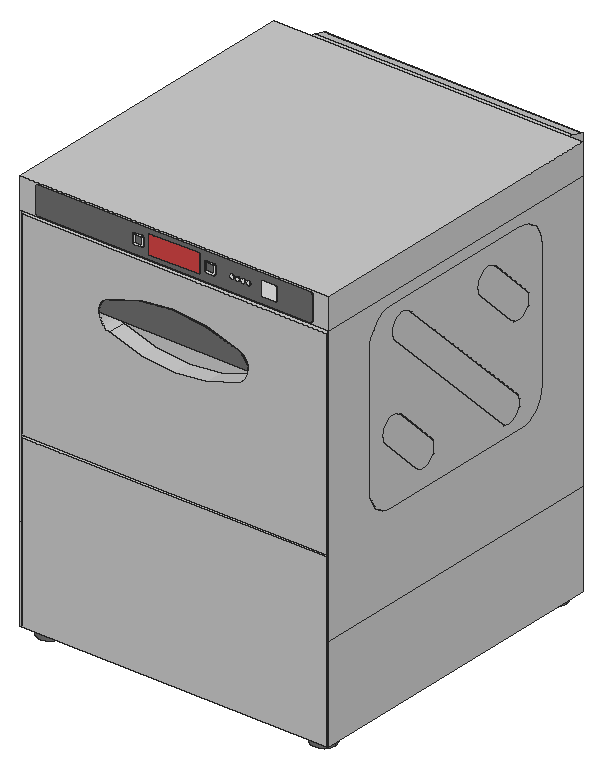
Revit family "QF_COMENDA_6B0000_6B0000DD_6B0000DDPS_6B0002_6B0002DD_6B0002DDPS_CAT", category Attrezzature speciali, Revit 2021
Family settings
  Quota connettore circolare = Usa diametro
  Tipo di parte = Normale
  Numero OmniClass = 23.40.40.14
  Titolo OmniClass = Food Service Equipment
  Basato su piano di lavoro = No
  Sempre verticale = Sì
  Taglio con vuoti quando caricato = No
  Condiviso = No
  Punto di calcolo locali = No
Parameters (values of type "6B0002DDPS")
  URL catalogo = "https://comenda.eu/wp-content/uploads/2024/02/Scheda-tecnica-PB24-A_09.08.23_ENG.pdf"
  URL = "www.comenda.eu"
  Tensione = 230 V
  Temperatura raccomandata per acqua fredda = 15 °C
  Show Logo [instance] = yes
  Show Clearance [instance] = yes
  Protezione contro le sovracorrenti = 16 A
  Prospetto di default = 0 mm
  Profondità = 521 mm
  Potenza elettrica = 2660 W
  Pessione minima acqua fredda = 2000.0 Pa
  Peso netto = 36.00 kg
  Numero dei poli = 1
  Modello = "PB24 A+"
  Produttore = "COMENDA"
  Lunghezza = 460 mm
  Frequenza = 50 Hz
  Fase = 3
  Diametro dello scarico diretto di acqua = 1 3/8"
  Diametro condotta acqua fredda = 3/4"
  Descrizione = "SINGLE-PHASE GLASSWASHER WITH WATER SOFTENER, DRAIN PUMP, DETERGENT DOSING PUMP"
  Corrente di funzionamento normale = 12.1 A
  Assembly Code = ""
  Altezza dello scarico diretto acqua da pavimento finito = 36 mm
  Altezza allacciamento elettrico da pavimento finito = 47 mm
  Altezza allacciamento acqua fredda da pavimento finito = 36 mm
  Altezza = 613 mm
Types (6, lengths in mm): name | URL catalogo | Modello | Descrizione
  6B0000 | "https://www.comenda.eu/site/assets/files/1172/comenda_primeeng_10-20.pdf" | "PB24" | "SINGLE-PHASE GLASSWASHER"
  6B0002 | "https://www.comenda.eu/site/assets/files/1172/comenda_primeeng_10-20.pdf" | "PB24 A" | "SINGLE-PHASE GLASSWASHER WITH WATER SOFTENER"
  6B0000DDPS | "https://comenda.eu/wp-content/uploads/2024/02/Scheda-tecnica-PB24-_09.08.23_ENG.pdf" | "PB24+" | "SINGLE-PHASE GLASSWASHER WITH DRAIN PUMP, DETERGENT DOSING PUMP"
  6B0002DDPS | "https://comenda.eu/wp-content/uploads/2024/02/Scheda-tecnica-PB24-A_09.08.23_ENG.pdf" | "PB24 A+" | "SINGLE-PHASE GLASSWASHER WITH WATER SOFTENER, DRAIN PUMP, DETERGENT DOSING PUMP"
  6B0000DD | "https://comenda.eu/wp-content/uploads/2024/02/Scheda-tecnica-PB24-DD_09.08.23_ENG.pdf" | "PB24 DD" | "SINGLE-PHASE GLASSWASHER"
  6B0002DD | "https://comenda.eu/wp-content/uploads/2024/02/Scheda-tecnica-PB24-A-DD_09.08.23_ENG.pdf" | "PB24 A DD" | "SINGLE-PHASE GLASSWASHER WITH WATER SOFTENER"
Reference planes
  plane 1 "Back": y = 0
  plane 2: z = 0
  plane 3 "Left": x = 0
  plane 4 "Right": x = 460
  plane 5 "Front": y = -521
  plane 6 "Top": z = 613
Forms (mm)
  Extrusion 1, solid
    sketch origin (-278.068, 503.132, 0) x (0, 1, 0) y (0, 0, 1)
      loop
        arc (-503.132, 588.412) -> (-503.657, 589.763) -> (-504.958, 590.404) r 2
        line (-504.958, 590.404) -> (-521.132, 595.009) -> (-548.132, 595.952) -> (-548.132, 603.556) -> (-551.132, 603.556) -> (-551.132, 55.556) -> (-548.132, 55.556) -> (-548.132, 63.14)
        arc (-548.132, 63.14) -> (-547.869, 63.816) -> (-547.219, 64.136) r 1
        line (-547.219, 64.136) -> (-504.918, 68.677)
        arc (-504.918, 68.677) -> (-503.644, 69.329) -> (-503.132, 70.665) r 2
        line (-503.132, 70.665) -> (-503.132, 588.412)
    from 316.068 to 700.068
  Extrusion 2, solid
    sketch origin (-278.068, 503.132, 0) x (0, 1, 0) y (0, 0, 1)
      loop
        line (-993.132, 264.445) -> (-1023.132, 264.445) -> (-1023.132, 12) -> (-993.132, 12) -> (-993.132, 264.445)
    from 281.068 to 735.068
  Extrusion 3, solid
    sketch origin (-278.068, 503.132, 0) x (1, 0, 0) y (0, 1, 0)
      loop
        line (738.068, -551.132) -> (278.068, -551.132) -> (278.068, -1023.132) -> (280.068, -1023.132) -> (280.068, -993.132) -> (736.068, -993.132) -> (736.068, -1023.132) -> (738.068, -1023.132) -> (738.068, -551.132)
    from 12 to 152
  Extrusion 4, solid
    sketch origin (-278.068, 503.132, 140) x (1, 0, 0) y (0, 1, 0)
      loop
        line (738.068, -551.132) -> (278.068, -551.132) -> (278.068, -1023.132) -> (280.068, -1023.132) -> (280.068, -993.132) -> (736.068, -993.132) -> (736.068, -1023.132) -> (738.068, -1023.132) -> (738.068, -551.132)
    from 12 to 427
  Extrusion 5, solid
    sketch origin (-0.2, 503.132, 0) x (0, 1, 0) y (0, 0, 1)
      loop
        line (-667.132, 550.282) -> (-907.132, 550.282)
        arc (-907.132, 550.282) -> (-935.416, 538.567) -> (-947.132, 510.282) r 40
        line (-947.132, 510.282) -> (-947.132, 320.282)
        arc (-947.132, 320.282) -> (-935.416, 291.998) -> (-907.132, 280.282) r 40
        line (-907.132, 280.282) -> (-667.132, 280.282)
        arc (-667.132, 280.282) -> (-638.848, 291.998) -> (-627.132, 320.282) r 40
        line (-627.132, 320.282) -> (-627.132, 510.282)
        arc (-627.132, 510.282) -> (-638.848, 538.567) -> (-667.132, 550.282) r 40
      loop
        arc (-713.027, 517.954) -> (-727.078, 523.753) -> (-741.099, 517.883) r 19.8
        arc (-741.099, 517.883) -> (-747.028, 503.721) -> (-741.17, 489.528) r 20
        line (-741.17, 489.528) -> (-684.601, 432.96)
        arc (-684.601, 432.96) -> (-670.409, 427.102) -> (-656.246, 433.031) r 20
        arc (-656.246, 433.031) -> (-650.376, 447.052) -> (-656.176, 461.103) r 19.8
        line (-656.176, 461.103) -> (-713.027, 517.954)
      loop
        line (-900.41, 500.276) -> (-700.143, 300.009)
        arc (-700.143, 300.009) -> (-686.723, 296.055) -> (-673.995, 301.862) r 20
        arc (-673.995, 301.862) -> (-668.12, 316.146) -> (-673.995, 330.429) r 20.302
        line (-673.995, 330.429) -> (-871.985, 528.419)
        arc (-871.985, 528.419) -> (-886.177, 534.277) -> (-900.34, 528.348) r 20
        arc (-900.34, 528.348) -> (-906.21, 514.327) -> (-900.41, 500.276) r 19.8
      loop
        arc (-918.017, 397.533) -> (-923.887, 383.512) -> (-918.088, 369.462) r 19.8
        line (-918.088, 369.462) -> (-861.378, 312.752)
        arc (-861.378, 312.752) -> (-847.186, 306.894) -> (-833.023, 312.823) r 20
        arc (-833.023, 312.823) -> (-827.153, 326.844) -> (-832.952, 340.895) r 19.8
        line (-832.952, 340.895) -> (-889.662, 397.605)
        arc (-889.662, 397.605) -> (-903.855, 403.462) -> (-918.017, 397.533) r 20
    from 0 to 2
  Extrusion 6, solid
    sketch origin (460.2, 503.132, 0) x (0, 1, 0) y (0, 0, -1)
      loop
        arc (-667.132, -550.282) -> (-638.848, -538.567) -> (-627.132, -510.282) r 40
        line (-627.132, -510.282) -> (-627.132, -320.282)
        arc (-627.132, -320.282) -> (-638.848, -291.998) -> (-667.132, -280.282) r 40
        line (-667.132, -280.282) -> (-907.132, -280.282)
        arc (-907.132, -280.282) -> (-935.416, -291.998) -> (-947.132, -320.282) r 40
        line (-947.132, -320.282) -> (-947.132, -510.282)
        arc (-947.132, -510.282) -> (-935.416, -538.567) -> (-907.132, -550.282) r 40
        line (-907.132, -550.282) -> (-667.132, -550.282)
      loop
        line (-713.027, -517.954) -> (-656.176, -461.103)
        arc (-656.176, -461.103) -> (-650.376, -447.052) -> (-656.246, -433.031) r 19.8
        arc (-656.246, -433.031) -> (-670.409, -427.102) -> (-684.601, -432.96) r 20
        line (-684.601, -432.96) -> (-741.17, -489.528)
        arc (-741.17, -489.528) -> (-747.028, -503.721) -> (-741.099, -517.883) r 20
        arc (-741.099, -517.883) -> (-727.078, -523.753) -> (-713.027, -517.954) r 19.8
      loop
        arc (-900.41, -500.276) -> (-906.21, -514.327) -> (-900.34, -528.348) r 19.8
        arc (-900.34, -528.348) -> (-886.177, -534.277) -> (-871.985, -528.419) r 20
        line (-871.985, -528.419) -> (-673.995, -330.429)
        arc (-673.995, -330.429) -> (-668.12, -316.146) -> (-673.995, -301.862) r 20.302
        arc (-673.995, -301.862) -> (-686.723, -296.055) -> (-700.143, -300.009) r 20
        line (-700.143, -300.009) -> (-900.41, -500.276)
      loop
        arc (-918.017, -397.533) -> (-903.855, -403.462) -> (-889.662, -397.605) r 20
        line (-889.662, -397.605) -> (-832.952, -340.895)
        arc (-832.952, -340.895) -> (-827.153, -326.844) -> (-833.023, -312.823) r 19.8
        arc (-833.023, -312.823) -> (-847.186, -306.894) -> (-861.378, -312.752) r 20
        line (-861.378, -312.752) -> (-918.088, -369.462)
        arc (-918.088, -369.462) -> (-923.887, -383.512) -> (-918.017, -397.533) r 19.8
    from 0 to 2
  Extrusion 7, solid
    sketch origin (221.932, -470, 0) x (1, 0, 0) y (0, 0, 1)
      loop
        line (-218.932, 562.9) -> (-218.932, 267.9) -> (235.068, 267.9) -> (235.068, 562.9) -> (-218.932, 562.9)
      loop
        arc (-89.473, 450.519) -> (6.968, 430.572) -> (103.409, 450.519) r 243.118
        arc (103.409, 450.519) -> (117.983, 472.694) -> (103.409, 494.869) r 24.157
        arc (103.409, 494.869) -> (6.968, 515.193) -> (-89.473, 494.869) r 238.976
        arc (-89.473, 494.869) -> (-104.047, 472.694) -> (-89.473, 450.519) r 24.157
    from 20 to 50
  Extrusion 8, solid
    sketch origin (-278.068, -490, 0) x (1, 0, 0) y (0, 0, 1)
      loop
        arc (410.527, 450.519) -> (506.968, 430.572) -> (603.409, 450.519) r 243.118
        arc (603.409, 450.519) -> (617.983, 472.694) -> (603.409, 494.869) r 24.157
        arc (603.409, 494.869) -> (506.968, 515.193) -> (410.527, 494.869) r 238.976
        arc (410.527, 494.869) -> (395.953, 472.694) -> (410.527, 450.519) r 24.157
    from 0 to 2
  Extrusion 9, solid
    sketch origin (-278.068, -519, 0) x (1, 0, 0) y (0, 0, 1)
      loop
        arc (410.527, 494.869) -> (399.93, 485.973) -> (395.953, 472.722) r 24.157
        line (395.953, 472.722) -> (617.983, 472.722)
        arc (617.983, 472.722) -> (614.006, 485.973) -> (603.409, 494.869) r 24.157
        arc (603.409, 494.869) -> (506.968, 515.193) -> (410.527, 494.869) r 238.976
    from 0 to 2
  Extrusion 10, solid
    sketch origin (0, 503.132, 0) x (0, 1, 0) y (0, 0, 1)
      loop
        line (-551.132, 613) -> (-1023.132, 613) -> (-1023.132, 567) -> (-551.132, 567) -> (-551.132, 613)
    from 0 to 460
  Extrusion 11, solid
    sketch origin (-278.068, -518.2, 0) x (1, 0, 0) y (0, 0, 1)
      loop
        line (302.336, 607.5) -> (302.336, 571.5)
        arc (302.336, 571.5) -> (303.136, 569.568) -> (305.068, 568.768) r 2.732
        line (305.068, 568.768) -> (711.068, 568.768)
        arc (711.068, 568.768) -> (713, 569.568) -> (713.8, 571.5) r 2.732
        line (713.8, 571.5) -> (713.8, 607.5)
        arc (713.8, 607.5) -> (713, 609.432) -> (711.068, 610.232) r 2.732
        line (711.068, 610.232) -> (305.068, 610.232)
        arc (305.068, 610.232) -> (303.136, 609.432) -> (302.336, 607.5) r 2.732
    from 0 to 2
  Extrusion 12, solid
    sketch origin (-278.068, -518.4, 10) x (1, 0, 0) y (0, 0, 1)
      loop
        line (470.568, 593.5) -> (470.568, 565.5) -> (545.568, 565.5) -> (545.568, 593.5) -> (470.568, 593.5)
    from 0 to 2
  Extrusion 13, solid
    sketch origin (-288.068, -518.4, 10) x (1, 0, 0) y (0, 0, 1)
      loop
        circle (604.568, 579.5) r 3.1
      loop
        circle (612.568, 579.5) r 3.1
      loop
        circle (620.568, 579.5) r 3.1
      loop
        circle (628.568, 579.5) r 3.1
      loop
        arc (651.068, 590.5) -> (649.654, 589.914) -> (649.068, 588.5) r 2
        line (649.068, 588.5) -> (649.068, 570.535)
        arc (649.068, 570.535) -> (649.664, 569.096) -> (651.104, 568.5) r 2.035
        line (651.104, 568.5) -> (669.068, 568.5)
        arc (669.068, 568.5) -> (670.482, 569.086) -> (671.068, 570.5) r 2
        line (671.068, 570.5) -> (671.068, 588.46)
        arc (671.068, 588.46) -> (670.471, 589.903) -> (669.028, 590.5) r 2.04
        line (669.028, 590.5) -> (651.068, 590.5)
      loop
        arc (566.609, 587.5) -> (564.459, 586.609) -> (563.568, 584.459) r 3.041
        line (563.568, 584.459) -> (563.568, 574.494)
        arc (563.568, 574.494) -> (564.445, 572.377) -> (566.563, 571.5) r 2.994
        line (566.563, 571.5) -> (576.593, 571.5)
        arc (576.593, 571.5) -> (578.697, 572.372) -> (579.568, 574.476) r 2.976
        line (579.568, 574.476) -> (579.568, 584.486)
        arc (579.568, 584.486) -> (578.685, 586.617) -> (576.554, 587.5) r 3.014
        line (576.554, 587.5) -> (566.609, 587.5)
      loop
        line (565.568, 584.459) -> (565.568, 574.494)
        arc (565.568, 574.494) -> (565.859, 573.791) -> (566.563, 573.5) r 0.994
        line (566.563, 573.5) -> (576.593, 573.5)
        arc (576.593, 573.5) -> (577.282, 573.786) -> (577.568, 574.476) r 0.976
        line (577.568, 574.476) -> (577.568, 584.486)
        arc (577.568, 584.486) -> (577.271, 585.203) -> (576.554, 585.5) r 1.014
        line (576.554, 585.5) -> (566.609, 585.5)
        arc (566.609, 585.5) -> (565.873, 585.195) -> (565.568, 584.459) r 1.041
      loop
        arc (459.596, 587.5) -> (457.445, 586.609) -> (456.554, 584.459) r 3.041
        line (456.554, 584.459) -> (456.554, 574.494)
        arc (456.554, 574.494) -> (457.431, 572.377) -> (459.549, 571.5) r 2.994
        line (459.549, 571.5) -> (469.579, 571.5)
        arc (469.579, 571.5) -> (471.683, 572.372) -> (472.554, 574.476) r 2.976
        line (472.554, 574.476) -> (472.554, 584.486)
        arc (472.554, 584.486) -> (471.672, 586.617) -> (469.541, 587.5) r 3.014
        line (469.541, 587.5) -> (459.596, 587.5)
      loop
        line (458.554, 584.459) -> (458.554, 574.494)
        arc (458.554, 574.494) -> (458.846, 573.791) -> (459.549, 573.5) r 0.994
        line (459.549, 573.5) -> (469.579, 573.5)
        arc (469.579, 573.5) -> (470.269, 573.786) -> (470.554, 574.476) r 0.976
        line (470.554, 574.476) -> (470.554, 584.486)
        arc (470.554, 584.486) -> (470.257, 585.203) -> (469.541, 585.5) r 1.014
        line (469.541, 585.5) -> (459.596, 585.5)
        arc (459.596, 585.5) -> (458.859, 585.195) -> (458.554, 584.459) r 1.041
    from 0 to 2
  Extrusion 14, solid
    sketch origin (-278.068, -46, 703.481) x (1, 0, 0) y (0, 0, 1)
      loop
        circle (308.068, -656.481) r 10
    from 0 to 2
  Extrusion 15, solid
    sketch origin (-278.068, -46, 0) x (1, 0, 0) y (0, 0, 1)
      loop
        circle (508.068, 33.8) r 19
    from 0 to 2
  Extrusion 16, solid
    sketch origin (-193.068, -46, 0) x (1, 0, 0) y (0, 0, 1)
      loop
        circle (478.268, 35.8) r 15
    from 0 to 2
  Extrusion 17, solid
    sketch origin (25, -65.5, 0) x (1, 0, 0) y (0, 1, 0)
      loop
        circle (0, 0) r 17.5
      loop
        circle (0, -430) r 17.5
      loop
        circle (407.8, 0) r 17.5
      loop
        circle (407.8, -430) r 17.5
    from 0 to 12
  Extrusion 18, solid, visible <- "Show Clearance", detail levels coarse
    sketch origin (0, -1.1, 0) x (0, 1, 0) y (0, 0, 1)
      loop
        arc (-520.354, 562.9) -> (-721.564, 473.437) -> (-789.926, 264.114) r 271
        line (-789.926, 264.114) -> (-496, 264.114) -> (-496, 562.9) -> (-520.354, 562.9)
    from 3 to 457
Lines and regions (mm)
  symbolic lines, style "200-EquipBorder-2D"
    curve 1: line (460, -48, 0) -> (0, -48, 0)
    curve 2: line (38, 0, 0) -> (38, -48, 0)
    curve 3: line (422, 0, 0) -> (38, 0, 0)
    curve 4: line (422, -48, 0) -> (422, 0, 0)
    curve 5: line (460, -520, 0) -> (460, -48, 0)
    curve 6: line (0, -48, 0) -> (0, -520, 0)
    curve 7: line (0, -520, 0) -> (460, -520, 0)
  symbolic lines, style "QF_Door-Drawer Clearances", visible <- "Show Clearance"
    curve 8: line (3, -520, 0) -> (3, -815, 0)
    curve 9: line (457, -815, 0) -> (3, -815, 0)
    curve 10: line (457, -815, 0) -> (457, -520, 0)
Dimensions and locks
  plane 3 "Left" to plane 4 "Right" = 460 mm
  plane 5 "Front" to plane 1 "Back" = 521 mm
  plane 6 "Top" to level = 613 mm
  aligned and locked: level to plane 2
  aligned and locked: plane 6 "Top" to Extrusion 10
Automatic sketch dimensions
  curve 1 to plane 3 "Left" = 0 mm
  plane 1 "Back" to curve 2 = 0 mm
  curve 5 to plane 4 "Right" = 0 mm
  plane 3 "Left" to curve 9 = 3 mm
  plane 3 "Left" to curve 2 = 38 mm
  plane 4 "Right" to curve 3 = 38 mm
  plane 4 "Right" to curve 10 = 3 mm
  plane 1 "Back" to curve 1 = 48 mm
  plane 5 "Front" to curve 5 = 1 mm
  curve 8 to plane 5 "Front" = 294 mm
  plane 5 "Front" to curve 8 = 1 mm
  plane 5 "Front" to curve 10 = 1 mm
  Extrusion 1 sketch curve to plane 1 "Back" = 0 mm
  plane 1 "Back" to Extrusion 1 sketch curve = 1.787 mm
  plane 1 "Back" to Extrusion 1 sketch curve = 1.826 mm
  Extrusion 1 sketch curve to Extrusion 1 sketch curve = 0.174 mm
  Extrusion 1 sketch curve to Extrusion 1 sketch curve = 0.213 mm
  Extrusion 1 sketch curve to Extrusion 1 sketch curve = 16.174 mm
  Extrusion 1 sketch curve to Extrusion 1 sketch curve = 42.213 mm
  Extrusion 1 sketch curve to Extrusion 1 sketch curve = 0.087 mm
  Extrusion 1 sketch curve to plane 6 "Top" = 17.048 mm
  Extrusion 1 sketch curve to Extrusion 1 sketch curve = 27 mm
  Extrusion 1 sketch curve to Extrusion 1 sketch curve = 1 mm
  Extrusion 1 sketch curve to Extrusion 1 sketch curve = 3 mm
  Extrusion 1 sketch curve to plane 6 "Top" = 17.991 mm
  Extrusion 1 sketch curve to Extrusion 1 sketch curve = 4.605 mm
  level to Extrusion 1 sketch curve = 70.665 mm
  Extrusion 1 sketch curve to Extrusion 1 sketch curve = 4.54 mm
  Extrusion 1 sketch curve to Extrusion 1 sketch curve = 7.584 mm
  Extrusion 1 sketch curve to Extrusion 1 sketch curve = 7.605 mm
  plane 5 "Front" to Extrusion 2 sketch curve = 1 mm
  Extrusion 2 sketch curve to Extrusion 2 sketch curve = 30 mm
  level to Extrusion 2 sketch curve = 12 mm
  Extrusion 2 sketch curve to Extrusion 2 sketch curve = 252.445 mm
  Extrusion 3 sketch curve to plane 3 "Left" = 0 mm
  Extrusion 3 sketch curve to plane 4 "Right" = 0 mm
  Extrusion 3 sketch curve to Extrusion 3 sketch curve = 2 mm
  plane 4 "Right" to Extrusion 3 sketch curve = 2 mm
  plane 5 "Front" to Extrusion 3 sketch curve = 1 mm  (x2)
  Extrusion 3 sketch curve to Extrusion 3 sketch curve = 30 mm
  plane 1 "Back" to Extrusion 3 sketch curve = 48 mm
  Extrusion 4 sketch curve to plane 3 "Left" = 0 mm
  Extrusion 4 sketch curve to plane 4 "Right" = 0 mm
  Extrusion 4 sketch curve to Extrusion 4 sketch curve = 2 mm
  plane 4 "Right" to Extrusion 4 sketch curve = 2 mm
  plane 5 "Front" to Extrusion 4 sketch curve = 1 mm  (x2)
  Extrusion 4 sketch curve to Extrusion 4 sketch curve = 30 mm
  plane 1 "Back" to Extrusion 4 sketch curve = 48 mm
  plane 5 "Front" to Extrusion 5 sketch curve = 77 mm
  Extrusion 5 sketch curve to Extrusion 5 sketch curve = 29.044 mm
  Extrusion 5 sketch curve to Extrusion 5 sketch curve = 40 mm  (x3)
  Extrusion 5 sketch curve to Extrusion 5 sketch curve = 14.001 mm  (x9)
  Extrusion 5 sketch curve to Extrusion 5 sketch curve = 0.283 mm  (x5)
  Extrusion 5 sketch curve to Extrusion 5 sketch curve = 6.721 mm
  Extrusion 5 sketch curve to Extrusion 5 sketch curve = 14.142 mm  (x11)
  Extrusion 5 sketch curve to Extrusion 5 sketch curve = 45.754 mm
  Extrusion 5 sketch curve to Extrusion 5 sketch curve = 130.815 mm
  Extrusion 5 sketch curve to Extrusion 5 sketch curve = 0 mm  (x5)
  Extrusion 5 sketch curve to plane 6 "Top" = 95.046 mm
  Extrusion 5 sketch curve to Extrusion 5 sketch curve = 132.81 mm
  Extrusion 5 sketch curve to Extrusion 5 sketch curve = 11.72 mm
  Extrusion 5 sketch curve to Extrusion 5 sketch curve = 0.285 mm
  Extrusion 5 sketch curve to Extrusion 5 sketch curve = 56.569 mm
  Extrusion 5 sketch curve to Extrusion 5 sketch curve = 45.895 mm
  Extrusion 5 sketch curve to Extrusion 5 sketch curve = 33.011 mm
  Extrusion 5 sketch curve to plane 6 "Top" = 98.723 mm
  Extrusion 5 sketch curve to Extrusion 5 sketch curve = 7.672 mm
  Extrusion 5 sketch curve to Extrusion 5 sketch curve = 10.006 mm
  Extrusion 5 sketch curve to Extrusion 5 sketch curve = 49.179 mm  (x2)
  Extrusion 5 sketch curve to Extrusion 5 sketch curve = 102.672 mm
  Extrusion 5 sketch curve to Extrusion 5 sketch curve = 56.71 mm
  Extrusion 5 sketch curve to Extrusion 5 sketch curve = 102.53 mm
  Extrusion 5 sketch curve to Extrusion 5 sketch curve = 14.284 mm
  Extrusion 5 sketch curve to Extrusion 5 sketch curve = 0.141 mm
  Extrusion 5 sketch curve to Extrusion 5 sketch curve = 16.137 mm
  plane 5 "Front" to Extrusion 6 sketch curve = 77 mm
  Extrusion 6 sketch curve to Extrusion 6 sketch curve = 29.044 mm
  Extrusion 6 sketch curve to Extrusion 6 sketch curve = 40 mm  (x3)
  Extrusion 6 sketch curve to Extrusion 6 sketch curve = 14.001 mm  (x9)
  Extrusion 6 sketch curve to Extrusion 6 sketch curve = 0.283 mm  (x5)
  Extrusion 6 sketch curve to Extrusion 6 sketch curve = 6.721 mm
  Extrusion 6 sketch curve to Extrusion 6 sketch curve = 14.142 mm  (x11)
  Extrusion 6 sketch curve to Extrusion 6 sketch curve = 45.754 mm
  Extrusion 6 sketch curve to Extrusion 6 sketch curve = 130.815 mm
  Extrusion 6 sketch curve to Extrusion 6 sketch curve = 0 mm  (x5)
  Extrusion 6 sketch curve to plane 6 "Top" = 95.046 mm
  Extrusion 6 sketch curve to Extrusion 6 sketch curve = 132.81 mm
  Extrusion 6 sketch curve to Extrusion 6 sketch curve = 11.72 mm
  Extrusion 6 sketch curve to Extrusion 6 sketch curve = 0.285 mm
  Extrusion 6 sketch curve to Extrusion 6 sketch curve = 56.569 mm
  Extrusion 6 sketch curve to Extrusion 6 sketch curve = 45.895 mm
  Extrusion 6 sketch curve to Extrusion 6 sketch curve = 33.011 mm
  Extrusion 6 sketch curve to plane 6 "Top" = 84.581 mm
  Extrusion 6 sketch curve to Extrusion 6 sketch curve = 32.328 mm
  Extrusion 6 sketch curve to Extrusion 6 sketch curve = 10.006 mm
  Extrusion 6 sketch curve to Extrusion 6 sketch curve = 49.179 mm  (x2)
  Extrusion 6 sketch curve to Extrusion 6 sketch curve = 102.672 mm
  Extrusion 6 sketch curve to Extrusion 6 sketch curve = 56.71 mm
  Extrusion 6 sketch curve to Extrusion 6 sketch curve = 102.53 mm
  Extrusion 6 sketch curve to Extrusion 6 sketch curve = 14.284 mm
  Extrusion 6 sketch curve to Extrusion 6 sketch curve = 0.141 mm
  Extrusion 6 sketch curve to Extrusion 6 sketch curve = 16.137 mm
  plane 3 "Left" to Extrusion 7 sketch curve = 3 mm
  plane 3 "Left" to Extrusion 7 sketch curve = 142.041 mm
  Extrusion 7 sketch curve to Extrusion 7 sketch curve = 86.858 mm  (x2)
  plane 6 "Top" to Extrusion 7 sketch curve = 60.691 mm
  plane 4 "Right" to Extrusion 7 sketch curve = 144.242 mm
  plane 4 "Right" to Extrusion 7 sketch curve = 3 mm
  Extrusion 7 sketch curve to plane 6 "Top" = 50.1 mm
  Extrusion 7 sketch curve to plane 6 "Top" = 140.306 mm  (x2)
  Extrusion 7 sketch curve to Extrusion 7 sketch curve = 196.477 mm
  Extrusion 7 sketch curve to Extrusion 7 sketch curve = 8.316 mm
  Extrusion 7 sketch curve to Extrusion 7 sketch curve = 9.583 mm  (x3)
  Extrusion 7 sketch curve to Extrusion 7 sketch curve = 0 mm
  plane 3 "Left" to Extrusion 8 sketch curve = 142.041 mm
  Extrusion 8 sketch curve to Extrusion 8 sketch curve = 86.858 mm  (x2)
  plane 6 "Top" to Extrusion 8 sketch curve = 60.691 mm
  plane 4 "Right" to Extrusion 8 sketch curve = 144.242 mm
  Extrusion 8 sketch curve to plane 6 "Top" = 140.306 mm  (x2)
  Extrusion 8 sketch curve to Extrusion 8 sketch curve = 196.477 mm
  Extrusion 8 sketch curve to Extrusion 8 sketch curve = 9.583 mm  (x3)
  Extrusion 8 sketch curve to Extrusion 8 sketch curve = 0 mm
  plane 3 "Left" to Extrusion 9 sketch curve = 117.885 mm
  Extrusion 9 sketch curve to Extrusion 9 sketch curve = 24.157 mm  (x2)
  Extrusion 9 sketch curve to Extrusion 9 sketch curve = 86.858 mm
  plane 4 "Right" to Extrusion 9 sketch curve = 144.242 mm
  level to Extrusion 9 sketch curve = 276.216 mm
  Extrusion 9 sketch curve to plane 6 "Top" = 140.306 mm
  Extrusion 9 sketch curve to Extrusion 9 sketch curve = 0 mm
  Extrusion 9 sketch curve to Extrusion 9 sketch curve = 0.028 mm
  Extrusion 9 sketch curve to Extrusion 9 sketch curve = 9.583 mm
  Extrusion 10 sketch curve to plane 6 "Top" = 0 mm
  plane 5 "Front" to Extrusion 10 sketch curve = 1 mm
  plane 1 "Back" to Extrusion 10 sketch curve = 48 mm
  Extrusion 10 sketch curve to Extrusion 10 sketch curve = 46 mm
  Extrusion 11 sketch curve to plane 6 "Top" = 5.5 mm
  plane 3 "Left" to Extrusion 11 sketch curve = 24.268 mm
  Extrusion 11 sketch curve to Extrusion 11 sketch curve = 2.732 mm  (x2)
  Extrusion 11 sketch curve to plane 6 "Top" = 2.768 mm
  plane 4 "Right" to Extrusion 11 sketch curve = 27 mm  (x2)
  Extrusion 11 sketch curve to Extrusion 11 sketch curve = 36 mm
  Extrusion 12 sketch curve to plane 6 "Top" = 37.5 mm
  plane 3 "Left" to Extrusion 12 sketch curve = 192.5 mm
  Extrusion 12 sketch curve to plane 6 "Top" = 9.5 mm
  Extrusion 12 sketch curve to Extrusion 12 sketch curve = 75 mm
  Extrusion 13 sketch curve to Extrusion 13 sketch curve = 0 mm  (x18)
  Extrusion 13 sketch curve to plane 6 "Top" = 18.541 mm
  plane 3 "Left" to Extrusion 13 sketch curve = 168.486 mm
  Extrusion 13 sketch curve to Extrusion 13 sketch curve = 2 mm  (x3)
  Extrusion 13 sketch curve to Extrusion 13 sketch curve = 0.994 mm  (x2)
  Extrusion 13 sketch curve to Extrusion 13 sketch curve = 1.041 mm  (x2)
  Extrusion 13 sketch curve to Extrusion 13 sketch curve = 9.945 mm  (x2)
  Extrusion 13 sketch curve to Extrusion 13 sketch curve = 10.03 mm  (x2)
  Extrusion 13 sketch curve to Extrusion 13 sketch curve = 1.014 mm
  Extrusion 13 sketch curve to Extrusion 13 sketch curve = 91.014 mm
  Extrusion 13 sketch curve to Extrusion 13 sketch curve = 0.976 mm
  Extrusion 13 sketch curve to Extrusion 13 sketch curve = 25 mm
  Extrusion 13 sketch curve to Extrusion 13 sketch curve = 8 mm  (x3)
  Extrusion 13 sketch curve to Extrusion 13 sketch curve = 20.5 mm
  Extrusion 13 sketch curve to Extrusion 13 sketch curve = 2.035 mm
  Extrusion 13 sketch curve to Extrusion 13 sketch curve = 17.96 mm
  Extrusion 13 sketch curve to Extrusion 13 sketch curve = 17.965 mm
  Extrusion 13 sketch curve to Extrusion 13 sketch curve = 2.04 mm
  Extrusion 13 sketch curve to plane 6 "Top" = 23.5 mm  (x2)
  Extrusion 13 sketch curve to Extrusion 13 sketch curve = 9.964 mm  (x2)
  Extrusion 13 sketch curve to plane 6 "Top" = 28.506 mm
  Extrusion 13 sketch curve to Extrusion 13 sketch curve = 8.965 mm
  Extrusion 13 sketch curve to plane 6 "Top" = 14.54 mm
  plane 3 "Left" to Extrusion 14 sketch curve = 30 mm
  level to Extrusion 14 sketch curve = 47 mm
  level to Extrusion 15 sketch curve = 33.8 mm
  plane 3 "Left" to Extrusion 15 sketch curve = 230 mm
  level to Extrusion 16 sketch curve = 35.8 mm
  plane 4 "Right" to Extrusion 16 sketch curve = 174.8 mm
  plane 3 "Left" to Extrusion 17 sketch curve = 25 mm  (x2)
  plane 4 "Right" to Extrusion 17 sketch curve = 27.2 mm  (x2)
  plane 5 "Front" to Extrusion 17 sketch curve = 25.5 mm  (x2)
  plane 1 "Back" to Extrusion 17 sketch curve = 65.5 mm  (x2)
  Extrusion 18 sketch curve to plane 5 "Front" = 270.026 mm
  Extrusion 18 sketch curve to plane 5 "Front" = 0.454 mm
  Extrusion 18 sketch curve to Extrusion 18 sketch curve = 24.354 mm
  level to Extrusion 18 sketch curve = 264.114 mm
  Extrusion 18 sketch curve to Extrusion 18 sketch curve = 27.786 mm
  radius of Extrusion 13 sketch curve = 3.1 mm  (x4)
  radius of Extrusion 14 sketch curve = 10 mm
  radius of Extrusion 15 sketch curve = 19 mm
  radius of Extrusion 16 sketch curve = 15 mm
  radius of Extrusion 17 sketch curve = 17.5 mm  (x4)
Connectors
  electrical at (30, -46, 47), driven by "Tensione", driven by "Numero dei poli", driven by "Potenza elettrica"
    settings: on Extrusion 14, index 1, voltage 230 V, apparent load 2660 VA, apparent load phase1 0 VA, apparent load phase2 0 VA, apparent load phase3 0 VA, power factor 1, load classification "Other", number of poles 1, system type 30, power factor state 1, is connector primary yes, connector utility no, sub classification motor no, connector description "QF_Electrical Connection"
  piping at (230, -46, 33.8), diameter 34.925, driven by "Diametro dello scarico diretto di acqua"
    settings: on Extrusion 15, index 2, connector inside diameter 24", connector length 0 mm, flow factor 0, pipe flow 0.0 L/s, pressure drop 0.0 Pa, fitting loss kfactor 0, connector angle 0.00°, fixture units 0, engagement length 0 mm, angle of deflection 0.00°, flow configuration 1, flow direction 2, fitting loss method 0, system type 16, joint type 0, gender type 0, connector reference index -1, connector utility 0, adjustable connector no, is connector primary yes, connector description "QF_Drain Connection"
  piping at (285.2, -46, 35.8), diameter 19.05, driven by "Diametro condotta acqua fredda"
    settings: on Extrusion 16, index 3, connector inside diameter 24", connector length 0 mm, flow factor 0, pipe flow 0.0 L/s, pressure drop 0.0 Pa, fitting loss kfactor 0, connector angle 0.00°, fixture units 0, engagement length 0 mm, angle of deflection 0.00°, flow configuration 1, flow direction 1, fitting loss method 0, system type 20, joint type 0, gender type 0, connector reference index -1, connector utility 0, adjustable connector no, is connector primary no, connector description "QF_Water Inlet"
